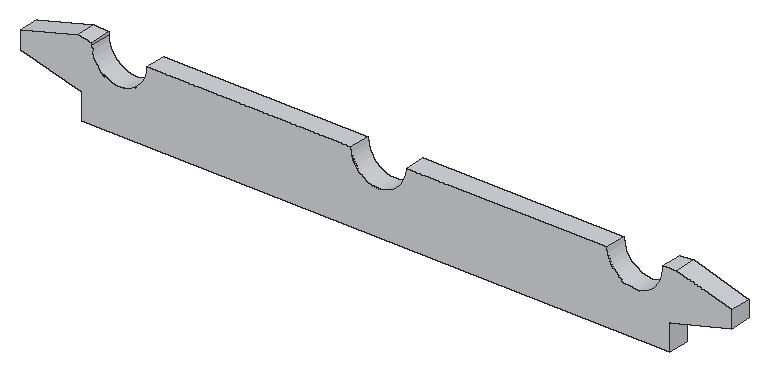
Revit family "三架梁", category 常规模型, Revit 2022
Family settings
  可将钢筋附着到主体 = 否
  圆形连接件大小 = 使用直径
  零件类型 = 标准
  基于工作平面 = 否
  总是垂直 = 是
  加载时剪切的空心 = 否
  保持注释方向 = 否
  共享 = 否
  房间计算点 = 否
Parameters
  默认高程 = 0 mm
  上金檩直径 [instance] = 170 mm
  三架梁顶边长 [instance] = 1585 mm
  三架梁榫卯高 [instance] = 50 mm
  三架梁底部高 [instance] = 80 mm
  三架梁底边长 [instance] = 1810 mm
  三架梁宽 [instance] = 65 mm
  三架梁下边倾角 [instance] = 15.00°
  三架梁上边倾角 [instance] = 5.00°
Reference planes
  plane 1 "中心(前/后)": y = 0
  plane 2: z = 0
  plane 3 "中心(左/右)": x = 0
  plane 4: z = 3177.505
  plane 5: z = 3227.975
  plane 6: z = 3277.975
  plane 7: z = 3281.554
  plane 8: z = 3231.554
  plane 9: x = -911.638
  plane 10: x = 673.362
Forms (mm)
  Extrusion 1, solid
    sketch origin (0, 0, 0) x (1, 0, 0) y (0, 0, 1)
      loop
        line (-911.638, 3317.81) -> (-1041.143, 3329.14) -> (-1216.49, 3281.554) -> (-1216.49, 3227.975) -> (-1028.135, 3177.505) -> (-1028.135, 3097.505) -> (781.865, 3097.505) -> (781.865, 3177.505) -> (970.221, 3227.975) -> (970.221, 3277.975) -> (802.867, 3329.14) -> (673.362, 3317.81) -> (-911.638, 3317.81)
    from 0 to 65
  Extrusion 2, void
    sketch origin (0, 0, 0) x (1, 0, 0) y (0, 0, 1)
      loop
        circle (-911.638, 3317.81) r 85
    from 0 to 250
  Extrusion 3, void
    sketch origin (0, 0, 0) x (1, 0, 0) y (0, 0, 1)
      loop
        circle (-114.392, 3317.81) r 85
    from 0 to 250
  Extrusion 4, void
    sketch origin (0, 0, 0) x (1, 0, 0) y (0, 0, 1)
      loop
        circle (673.362, 3317.81) r 85
    from 0 to 250
Cuts and joins
  Extrusion 2, Extrusion 3, Extrusion 4 cuts Extrusion 1
Lines and regions (mm)
  reference lines
    curve 1: line (-1028.135, 0, 3097.505) -> (891.865, 0, 3097.505)
    curve 2: line (-911.638, 0, 3317.81) -> (1008.362, 0, 3317.81)
    curve 3: line (673.362, 0, 3317.81) -> (907.468, 0, 3338.291)
    curve 4: line (-911.638, 0, 3317.81) -> (-1080.991, 0, 3332.626)
    curve 5: line (-1041.143, 0, 3329.14) -> (-1407.44, 0, 3229.734)
    curve 6: line (-1216.49, 0, 3281.554) -> (-1216.49, 0, 3172.975)
    curve 7: line (970.221, 0, 3277.975) -> (970.221, 0, 3187.975)
    curve 8: line (802.867, 0, 3329.14) -> (999.672, 0, 3268.971)
    curve 9: line (781.865, 0, 3177.505) -> (999.198, 0, 3235.74)
    curve 10: line (781.865, 0, 3177.505) -> (781.865, 0, 3017.505)
    curve 11: line (-1028.135, 0, 3177.505) -> (-1250.298, 0, 3237.034)
    curve 12: line (-1028.135, 0, 3177.505) -> (-1028.135, 0, 3057.505)
    curve 13: line (673.362, 0, 3317.81) -> (1033.362, 0, 3317.81)
    curve 14: line (781.865, 0, 3177.505) -> (1121.865, 0, 3177.505)
    curve 15: line (-1028.135, 0, 3177.505) -> (-1348.135, 0, 3177.505)
    curve 16: line (-911.638, 0, 3317.81) -> (-1151.638, 0, 3317.81)
Dimensions and locks
  "三架梁顶边长": Extrusion 1 sketch curve to Extrusion 1 sketch curve
  "三架梁底边长": Extrusion 1 sketch curve to Extrusion 1 sketch curve
  "三架梁底边长": curve 12 to curve 10
  "三架梁底部高": plane 4 to curve 1
  "三架梁榫卯高": plane 6 to plane 5
  "三架梁榫卯高": plane 7 to plane 8
  "三架梁顶边长": plane 9 to plane 10
  "三架梁宽": cut or joined group of Extrusion 1, Extrusion 2, Extrusion 3, Extrusion 4 to cut or joined group of Extrusion 1, Extrusion 2, Extrusion 3, Extrusion 4
  "上金檩直径": diameter of Extrusion 2 sketch curve
  "上金檩直径": diameter of Extrusion 3 sketch curve
  "上金檩直径": diameter of Extrusion 4 sketch curve
  "三架梁上边倾角": angle curve 13 to curve 3
  "三架梁下边倾角": angle curve 14 to curve 9
  "三架梁下边倾角": angle curve 11 to curve 15
  "三架梁上边倾角": angle curve 4 to curve 16
  aligned and locked: level to plane 2
  aligned and locked: Extrusion 1 sketch curve to curve 5
  aligned and locked: curve 4 to Extrusion 1 sketch curve
  aligned and locked: Extrusion 1 sketch curve to curve 3
  aligned and locked: Extrusion 1 sketch curve to curve 2
  aligned and locked: Extrusion 1 sketch curve to curve 7
  aligned and locked: Extrusion 1 sketch curve to curve 8
  aligned and locked: curve 9 to Extrusion 1 sketch curve
  aligned and locked: Extrusion 1 sketch curve to curve 1
  aligned and locked: Extrusion 1 sketch curve to curve 10
  aligned and locked: Extrusion 1 sketch curve to curve 12
  aligned and locked: Extrusion 1 sketch curve to curve 6
  aligned and locked: Extrusion 1 sketch curve to curve 11
  aligned and locked: Extrusion 1 to curve 1
  aligned and locked: Extrusion 1 to curve 11
Automatic sketch dimensions
  curve 15 to plane 4 = 0 mm
  curve 6 to plane 7 = 0 mm
  plane 9 to curve 16 = 0 mm
  plane 10 to curve 13 = 0 mm
  plane 10 to curve 3 = 0 mm
  curve 10 to plane 4 = 0 mm
  curve 7 to plane 6 = 0 mm
  plane 9 to curve 15 = 116.497 mm
  plane 7 to curve 2 = 36.256 mm
  curve 6 to plane 4 = 4.53 mm
  curve 11 to curve 6 = 33.807 mm
  curve 5 to plane 5 = 1.759 mm
  curve 5 to curve 15 = 59.305 mm
  plane 7 to curve 8 = 47.586 mm
  curve 10 to curve 1 = 110 mm
  plane 4 to curve 7 = 10.47 mm
  curve 7 to curve 9 = 28.978 mm
  plane 6 to curve 8 = 9.004 mm
  curve 2 to curve 13 = 25 mm
  curve 12 to curve 1 = 40 mm
  curve 10 to curve 1 = 80 mm
  curve 13 to curve 3 = 0 mm
  Extrusion 1 sketch curve to plane 4 = 0 mm
  plane 9 to Extrusion 2 sketch curve = 0 mm
  plane 7 to Extrusion 2 sketch curve = 36.256 mm
  plane 7 to Extrusion 3 sketch curve = 36.256 mm
  Extrusion 3 sketch curve to plane 3 "中心(左/右)" = 114.392 mm
  plane 10 to Extrusion 4 sketch curve = 0 mm
  plane 7 to Extrusion 4 sketch curve = 36.256 mm
